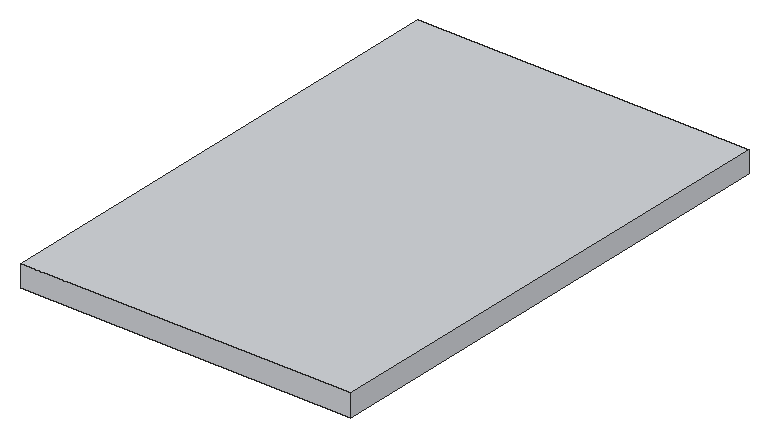
Revit family "CIRQUA-L-1XxxxFx", category Oprawy oświetleniowe, Revit 2019
Family settings
  Obiekt nadrzędny = Powierzchnia
  Wymiar okrągłego złącza = Użyj średnicy
  Typ części = Normalny
  Numer OmniClass = 23.80.70.11
  Tytuł OmniClass = Luminaries for Internal Lighting
  Tnij formami wycięć po wczytaniu = Nie
  Źródło światła = Tak
  Współdzielony = Nie
  Punkt obliczania pomieszczeń = Nie
Parameters (values of type "CIRQUA-L 1X3100-930 F-DA")
  width = 100 mm  # constant formula
  weight = "1,3 kg"  # constant formula
  voltage type (AC, DC, UC) = "AC"
  rated input power = 34
  product name = "CIRQUA-L 1X3100-930 F-DA"
  nominal voltage = "230"
  nominal frequency = "50-60Hz"
  length = 310 mm  # constant formula
  ingress protection (IP) code = "IP20"
  height = 171 mm  # constant formula
  electrical safety class = "1"
  control gear = ""
  conformity mark = "CE"  # constant formula
  brand = "RIDI"
  approval mark = ""
  built-in parameter 1150104 = 13.8 (stored number, unit not read)
  Wattage = 20.129 W
  Emituj ze średnicy okręgu = 76 mm  # constant formula
  Default Elevation = 0 mm
  built-in parameter 1150113 = 1 (stored number, unit not read)
  built-in parameter 1114218 = 1 (stored number, unit not read)
  URL = "www.ridi.de"
  built-in parameter 1150134 = (empty or 0)
  built-in parameter 1150109 = 1 (stored number, unit not read)
  built-in parameter 1150110 = 1 (stored number, unit not read)
  Apparent Load = 34 VA
  Tilt Angle = 90.00°
  Model = "0331980AH"
  built-in parameter 1114217 = 1 (stored number, unit not read)
  built-in parameter 1150139 = (empty or 0)
  built-in parameter 1150105 = 7143.7 (stored number, unit not read)
  built-in parameter 1150114 = 1 (stored number, unit not read)
  Lumens = 2990 lm
  built-in parameter 1150115 = 1 (stored number, unit not read)
  built-in parameter 1150112 = 1 (stored number, unit not read)
  Lampa = "LED"
  Producent = "RIDI Leuchten GmbH"  # constant formula
  Dimming Lamp Color Temperature Shift = (empty or 0)
  Color Filter = 16777215
  built-in parameter 1150133 = 10 (stored number, unit not read)
  Emit Shape Visible in Rendering = no
  built-in parameter 1150137 = (empty or 0)
  built-in parameter 1150132 = 2
  Plik sieci fotometrycznej = "CIRQUA-L 1x3200-840 F.IES"
  Copyright = "© RIDI. All rights reserved."  # constant formula
  built-in parameter 1150106 = 71.437 (stored number, unit not read)
  Kod zespołu = "D5020200"
  built-in parameter 1150107 = 3000 (stored number, unit not read)
  built-in parameter 1150102 = (empty or 0)
  built-in parameter 1150138 = (empty or 0)
Types (10, lengths in mm): name | rated input power | product name | Wattage | built-in parameter 1150134 | Apparent Load | Model | built-in parameter 1150105 | Lumens | built-in parameter 1150106 | built-in parameter 1150107
  (no name) | 34 | "CIRQUA-L 1X3100-930 F-DA" | 20.129 W | (empty or 0) | 34 VA | "0331980AH" | 7143.7 (stored number, unit not read) | 2990 lm | 71.437 (stored number, unit not read) | 3000 (stored number, unit not read)
  CIRQUA-L 1X3000-830 F | 26 | "CIRQUA-L 1X3000-830 F" | 19.7924 W | (empty or 0) | 26 VA | "0321964AH" | 233.96 (stored number, unit not read) | 2940 lm | 2.3396 (stored number, unit not read) | 3000 (stored number, unit not read)
  CIRQUA-L 1X3600-830 F | 34 | "CIRQUA-L 1X3600-830 F" | 23.3604 W | (empty or 0) | 34 VA | "0321968AH" | 8290.5 (stored number, unit not read) | 3470 lm | 82.905 (stored number, unit not read) | 3000 (stored number, unit not read)
  CIRQUA-L 1X3600-830 F-DA | 34 | "CIRQUA-L 1X3600-830 F-DA" | 23.3604 W | (empty or 0) | 34 VA | "0331968AH" | 8290.5 (stored number, unit not read) | 3470 lm | 82.905 (stored number, unit not read) | 3000 (stored number, unit not read)
  CIRQUA-L 1X3200-840 F | 26 | "CIRQUA-L 1X3200-840 F" | 20.6676 W | 12 | 26 VA | "0321952AH" | 7334.8 (stored number, unit not read) | 3070 lm | 73.348 (stored number, unit not read) | 4000 (stored number, unit not read)
  CIRQUA-L 1X3800-840 F | 34 | "CIRQUA-L 1X3800-840 F" | 24.8415 W | 12 | 34 VA | "0321956AH" | 8816.1 (stored number, unit not read) | 3690 lm | 88.161 (stored number, unit not read) | 4000 (stored number, unit not read)
  CIRQUA-L 1X3800-840 F-DA | 34 | "CIRQUA-L 1X3800-840 F-DA" | 24.8415 W | 12 | 34 VA | "0331956AH" | 8816.1 (stored number, unit not read) | 3690 lm | 88.161 (stored number, unit not read) | 4000 (stored number, unit not read)
  CIRQUA-L 1X2600-930 F | 26 | "CIRQUA-L 1X2600-930 F" | 16.8976 W | (empty or 0) | 26 VA | "0321976AH" | 5996.9 (stored number, unit not read) | 2510 lm | 59.969 (stored number, unit not read) | 3000 (stored number, unit not read)
  CIRQUA-L 1X3100-930 F | 34 | "CIRQUA-L 1X3100-930 F" | 20.129 W | (empty or 0) | 34 VA | "0321980AH" | 7143.7 (stored number, unit not read) | 2990 lm | 71.437 (stored number, unit not read) | 3000 (stored number, unit not read)
  CIRQUA-L 1X3100-930 F-DA | 34 | "CIRQUA-L 1X3100-930 F-DA" | 20.129 W | (empty or 0) | 34 VA | "0331980AH" | 7143.7 (stored number, unit not read) | 2990 lm | 71.437 (stored number, unit not read) | 3000 (stored number, unit not read)
Reference planes
  plane 1 "Mitte (Vorne/hinten)": y = 0
  plane 2: z = 24.176
  plane 3 "Mitte (Links/rechts)": x = 22
  plane 4: z = 0
Forms (mm)
  Extrusion 1, solid
    sketch origin (219.2, 280.8, 0) x (1, 0, 0) y (0, 1, 0)
      loop
        line (-1219.2, 1219.2) -> (-1219.2, -1780.8) -> (780.8, -1780.8) -> (780.8, 1219.2) -> (-1219.2, 1219.2)
    from 24.176 to -107.307
Dimensions and locks
  aligned and locked: plane 2 to Extrusion 1
Connectors
  electrical at (-103.767, 0, 25.176), driven by "Apparent Load"
    settings: on import instance, index 1, voltage 230 V, apparent load 0 VA, apparent load phase1 34 VA, apparent load phase2 0 VA, apparent load phase3 0 VA, power factor 1, load classification "Lighting", number of poles 1, system type 31, power factor state 1, is connector primary yes, connector utility no, sub classification motor no, connector description ""
